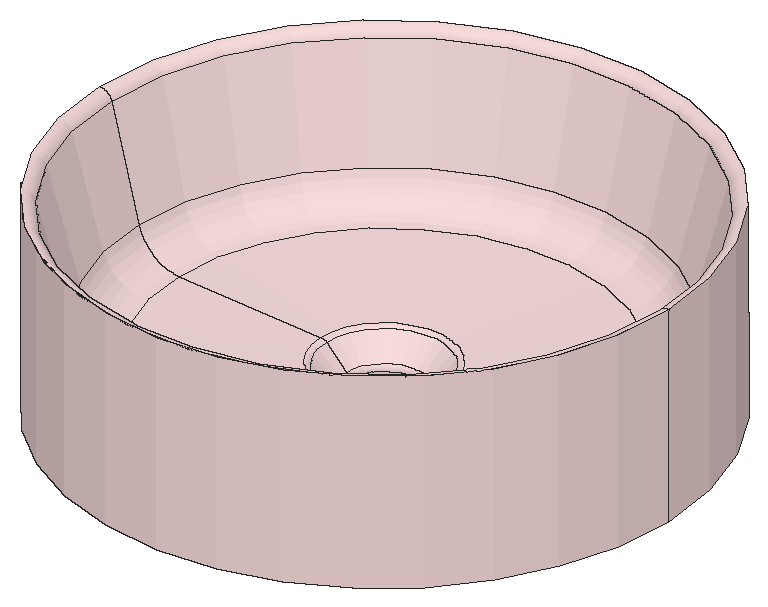
Revit family "Alma-CAMPNK133-Cameron Circle Concrete Basin-Champagne Pink", category Plumbing Fixtures, host Face, Revit 2022
Family settings
  Host = Face
  Round Connector Dimension = Use Diameter
  Part Type = Normal
  Cut with Voids When Loaded = No
  Maintain Annotation Orientation = No
  Shared = No
  Room Calculation Point = No
Parameters (values of type "Cameron Champagne Pink")
  URL = "https://www.buildmat.com.au/products/cameron-dusty-pink-circle-concrete-basin"
  Model = "CAMPNK13"  # constant formula
  Material Basin = Alma Champagne Pink
  Manufacturer = "BUILDMAT"  # constant formula
  Description = "Cameron Circle Concrete Basin"  # constant formula
  Default Elevation = 1219.2 mm
  Created = "22.12.2023"  # constant formula
  Cost = 0
  Brand = "Alma"  # constant formula
Reference planes
  plane 1 "Center (Front/Back)": y = 0
  plane 2 "Bottom": z = 0
  plane 3 "Centro (Izquierda/Derecha)": x = 0
  plane 4 "Back": y = 180
  plane 5 "Front": y = -180
  plane 6 "Left": x = -180
  plane 7 "Right": x = 180
  plane 8: x = -172.5
  plane 9: x = 172.5
  plane 10: y = 172.5
  plane 11: y = -172.5
  plane 12: y = 40
  plane 13: y = -40
  plane 14: x = -40
  plane 15: x = 40
  plane 16: x = -22.5
  plane 17: x = 22.5
  plane 18: y = 22.5
  plane 19: y = -22.5
  plane 20 "Top": z = 120
  plane 21: z = 30
Forms (mm)
  Revolve 1, solid, material "Alma Champagne Pink" <- "Material Basin"
    sketch origin (0, 0, 0) x (1, 0, 0) y (0, 0, 1)
      loop
        line (-180, 120) -> (-180, 0) -> (-22.5, 0) -> (-22.5, 9.215)
        arc (-22.5, 9.215) -> (-22.881, 11.128) -> (-23.964, 12.751) r 5
        line (-23.964, 12.751) -> (-36.587, 25.373)
        arc (-36.587, 25.373) -> (-38.153, 26.439) -> (-40, 26.857) r 5.077
        line (-40, 26.857) -> (-130, 30)
        arc (-130, 30) -> (-145.983, 35.897) -> (-155.324, 50.144) r 27.2
        line (-155.324, 50.144) -> (-172.5, 114.245)
        arc (-172.5, 114.245) -> (-175.273, 118.395) -> (-180, 120) r 7.765
      axis (0, 120) -> (0, 0)
    angle from 0 to 360
Lines and regions (mm)
  symbolic lines, detail levels medium+fine
    curve 1: arc (-172.5, 0, 114.245) -> (-175.273, 0, 118.395) -> (-180, 0, 120) r 7.765
    curve 2: line (-172.5, 0, 114.245) -> (-155.324, 0, 50.144)
    curve 3: arc (-155.324, 0, 50.144) -> (-145.983, 0, 35.897) -> (-130, 0, 30) r 27.2
    curve 4: line (-130, 0, 30) -> (-40, 0, 26.857)
    curve 5: line (-36.587, 0, 25.373) -> (-23.964, 0, 12.751)
    curve 6: arc (-36.587, 0, 25.373) -> (-38.153, 0, 26.439) -> (-40, 0, 26.857) r 5.077
    curve 7: line (-22.5, 0, 9.215) -> (-22.5, 0, 0)
    curve 8: arc (-23.964, 0, 12.751) -> (-22.881, 0, 11.128) -> (-22.5, 0, 9.215) r 5
    curve 9: arc (172.5, 0, 114.245) -> (175.273, 0, 118.395) -> (180, 0, 120) r 7.765
    curve 10: line (172.5, 0, 114.245) -> (155.324, 0, 50.144)
    curve 11: arc (155.324, 0, 50.144) -> (145.983, 0, 35.897) -> (130, 0, 30) r 27.2
    curve 12: line (130, 0, 30) -> (40, 0, 26.857)
    curve 13: line (36.587, 0, 25.373) -> (23.964, 0, 12.751)
    curve 14: arc (36.587, 0, 25.373) -> (38.153, 0, 26.439) -> (40, 0, 26.857) r 5.077
    curve 15: line (22.5, 0, 9.215) -> (22.5, 0, 0)
    curve 16: arc (23.964, 0, 12.751) -> (22.881, 0, 11.128) -> (22.5, 0, 9.215) r 5
Text (mm)
  text "Refer to www.buildmat.com.au for the most current product literature. \nAllow a +/- 5mm tolerance for dimensions shown in the product literature. \nPlease note product details are subject to change due to ongoing product development." at (0.056, -1035.857, 0), in view "Nivel de referencia"
Dimensions and locks
  equal spacing: plane 4 "Back", plane 1 "Center (Front/Back)", plane 5 "Front"
  equal spacing: plane 6 "Left", plane 3 "Centro (Izquierda/Derecha)", plane 7 "Right"
  plane 6 "Left" to plane 7 "Right" = 360.0 mm
  plane 4 "Back" to plane 5 "Front" = 360.0 mm
  plane 6 "Left" to plane 8 = 7.5 mm
  plane 9 to plane 7 "Right" = 7.5 mm
  plane 4 "Back" to plane 10 = 7.5 mm
  plane 11 to plane 5 "Front" = 7.5 mm
  equal spacing: plane 14, plane 3 "Centro (Izquierda/Derecha)", plane 15
  plane 14 to plane 15 = 80.0 mm
  plane 12 to plane 13 = 80.0 mm
  equal spacing: plane 12, plane 1 "Center (Front/Back)", plane 13
  plane 18 to plane 19 = 45.0 mm
  equal spacing: plane 18, plane 1 "Center (Front/Back)", plane 19
  equal spacing: plane 16, plane 3 "Centro (Izquierda/Derecha)", plane 17
  plane 16 to plane 17 = 45.0 mm
  plane 20 "Top" to plane 2 "Bottom" = 120.0 mm
  plane 20 "Top" to plane 21 = 90.0 mm
  aligned and locked: plane 2 "Bottom" to host face
  aligned and locked: level to host face
  aligned and locked: Revolve 1 sketch curve to plane 3 "Centro (Izquierda/Derecha)"
Automatic sketch dimensions
  host sketch curve to host sketch curve = 2438.4 mm  (x2)
  Revolve 1 sketch curve to level = 0.0 mm
  Revolve 1 sketch curve to plane 6 "Left" = 0.0 mm
  Revolve 1 sketch curve to plane 20 "Top" = 0.0 mm
  Revolve 1 sketch curve to level = 40.456 mm
  plane 20 "Top" to Revolve 1 sketch curve = 24.544 mm
  Revolve 1 sketch curve to plane 8 = 0.0 mm
  Revolve 1 sketch curve to plane 20 "Top" = 7.765 mm
  plane 8 to Revolve 1 sketch curve = 17.176 mm
  plane 21 to Revolve 1 sketch curve = 20.144 mm
  Revolve 1 sketch curve to plane 21 = 0.0 mm
  Revolve 1 sketch curve to Revolve 1 sketch curve = 26.273 mm
  Revolve 1 sketch curve to Revolve 1 sketch curve = 7.04 mm
  Revolve 1 sketch curve to plane 14 = 0.0 mm
  Revolve 1 sketch curve to plane 21 = 3.143 mm
  Revolve 1 sketch curve to plane 14 = 0.177 mm
  Revolve 1 sketch curve to Revolve 1 sketch curve = 5.074 mm
  plane 14 to Revolve 1 sketch curve = 3.413 mm
  Revolve 1 sketch curve to plane 16 = 1.464 mm
  level to Revolve 1 sketch curve = 12.751 mm
  Revolve 1 sketch curve to plane 16 = 0.0 mm
  Revolve 1 sketch curve to Revolve 1 sketch curve = 3.536 mm
  curve 1 to plane 6 "Left" = 0.0 mm
  curve 2 to plane 8 = 0.0 mm
  curve 3 to plane 21 = 0.0 mm
  curve 6 to plane 14 = 0.0 mm
  curve 7 to level = 0.0 mm
  curve 7 to plane 16 = 0.0 mm
  curve 16 to plane 17 = 0.0 mm
  curve 12 to plane 15 = 0.0 mm
  curve 12 to plane 21 = 0.0 mm
  curve 9 to plane 9 = 0.0 mm
  curve 9 to plane 7 "Right" = 0.0 mm
  curve 15 to level = 0.0 mm
  curve 1 to plane 20 "Top" = 0.0 mm
  curve 9 to plane 20 "Top" = 0.0 mm
  plane 8 to curve 2 = 17.176 mm
  curve 3 to curve 4 = 25.324 mm
  curve 4 to curve 3 = 0.949 mm
  curve 6 to plane 14 = 0.177 mm
  plane 14 to curve 5 = 3.413 mm
  curve 8 to curve 7 = 5.0 mm
  curve 5 to plane 16 = 1.464 mm
  plane 17 to curve 13 = 1.464 mm
  curve 15 to curve 16 = 5.0 mm
  curve 13 to plane 15 = 3.413 mm
  plane 15 to curve 14 = 0.177 mm
  curve 11 to plane 9 = 43.449 mm
  curve 11 to curve 12 = 0.949 mm
  curve 10 to plane 9 = 17.176 mm
  level to curve 16 = 9.215 mm
  level to curve 8 = 9.215 mm
  curve 6 to plane 21 = 8.217 mm
  curve 14 to plane 21 = 8.217 mm
  curve 5 to plane 21 = 4.627 mm
  curve 13 to plane 21 = 4.627 mm
  plane 21 to curve 10 = 20.144 mm
  plane 21 to curve 2 = 20.144 mm
  curve 9 to plane 20 "Top" = 7.765 mm
  curve 1 to plane 20 "Top" = 7.765 mm
